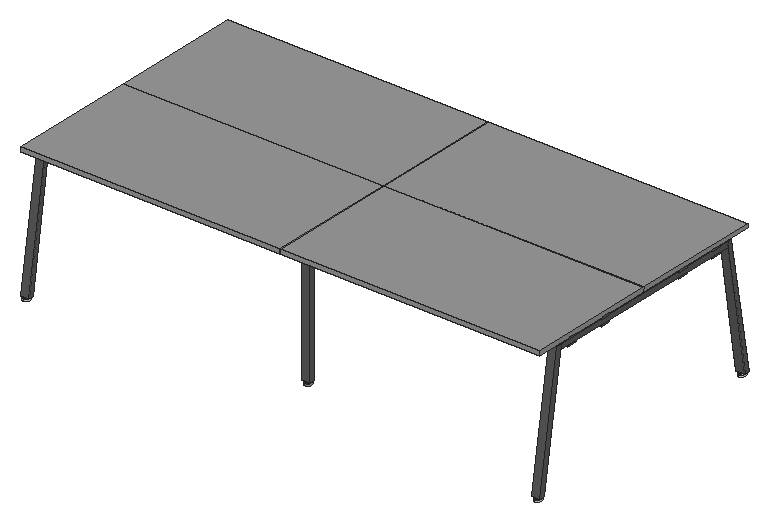
Revit family "Haworth_Tibas_Desk_BenchWorkstation_EU_PRELIMINARY", category Furniture, Revit 2019 (continued)
Definition of nested family "Haworth_Tibas_CableManagement_HorizontalCableTraySingleWire_PART"
  Definition of nested family "Haworth_Tibas_CableManagement_HorizontalCableTraySingleWire_120cm-PART"
    Forms (cm)
      Extrusion 2, void
        sketch origin (0, -2.9666, 0) x (1, 0, 0) y (0, 0, -1)
          loop
            line (51.739, -73.9397) -> (57.5316, -73.9397) -> (57.5316, -70.6269) -> (51.739, -70.6269) -> (51.739, -73.9397)
          loop
            line (57.5316, -70.4411) -> (57.5316, -68.6582) -> (51.739, -68.6582) -> (51.739, -70.4411) -> (57.5316, -70.4411)
          loop
            line (57.739, -73.9397) -> (63.5316, -73.9397) -> (63.5316, -70.6269) -> (57.739, -70.6269) -> (57.739, -73.9397)
          loop
            line (63.5316, -70.4411) -> (63.5316, -68.6582) -> (57.739, -68.6582) -> (57.739, -70.4411) -> (63.5316, -70.4411)
          loop
            line (63.739, -73.9397) -> (69.5316, -73.9397) -> (69.5316, -70.6269) -> (63.739, -70.6269) -> (63.739, -73.9397)
          loop
            line (69.5316, -70.4411) -> (69.5316, -68.6448) -> (63.739, -68.6448) -> (63.739, -70.4411) -> (69.5316, -70.4411)
          loop
            line (69.739, -73.9397) -> (75.5316, -73.9397) -> (75.5316, -70.6269) -> (69.739, -70.6269) -> (69.739, -73.9397)
          loop
            line (75.5316, -70.4411) -> (75.5316, -68.6582) -> (69.739, -68.6582) -> (69.739, -70.4411) -> (75.5316, -70.4411)
          loop
            line (75.739, -73.9397) -> (80.3487, -73.9397) -> (80.3487, -70.6269) -> (75.739, -70.6269) -> (75.739, -73.9397)
          loop
            line (80.3487, -70.4411) -> (80.3487, -68.6582) -> (75.739, -68.6582) -> (75.739, -70.4411) -> (80.3487, -70.4411)
        from -21.2076 to 0.5784
      Extrusion 3, void
        sketch origin (0, -24.7371, 0) x (1, 0, 0) y (0, 1, 0)
          loop
            line (-38.511, 5.9663) -> (-30.9555, 5.9663) -> (-30.9555, 20.0623) -> (-38.511, 20.0623) -> (-38.511, 5.9663)
          loop
            line (-30.761, 5.9663) -> (-24.9684, 5.9663) -> (-24.9684, 20.0623) -> (-30.761, 20.0623) -> (-30.761, 5.9663)
          loop
            line (-24.761, 5.9663) -> (-18.9555, 5.9663) -> (-18.9555, 20.0623) -> (-24.761, 20.0623) -> (-24.761, 5.9663)
          loop
            line (-18.761, 5.9663) -> (-12.9684, 5.9663) -> (-12.9684, 20.0623) -> (-18.761, 20.0623) -> (-18.761, 5.9663)
          loop
            line (-12.761, 5.9663) -> (-6.9555, 5.9663) -> (-6.9555, 20.0623) -> (-12.761, 20.0623) -> (-12.761, 5.9663)
          loop
            line (-6.748, 5.9663) -> (-0.9555, 5.9663) -> (-0.9555, 20.0623) -> (-6.748, 20.0623) -> (-6.748, 5.9663)
          loop
            line (-0.748, 5.9663) -> (5.0575, 5.9663) -> (5.0575, 20.0623) -> (-0.748, 20.0623) -> (-0.748, 5.9663)
          loop
            line (5.2779, 5.9663) -> (11.0704, 5.9663) -> (11.0704, 20.0623) -> (5.2779, 20.0623) -> (5.2779, 5.9663)
          loop
            line (11.2779, 5.9663) -> (17.0834, 5.9663) -> (17.0834, 20.0623) -> (11.2779, 20.0623) -> (11.2779, 5.9663)
          loop
            line (17.2908, 5.9663) -> (23.0963, 5.9663) -> (23.0963, 20.0623) -> (17.2908, 20.0623) -> (17.2908, 5.9663)
          loop
            line (23.3038, 5.9663) -> (29.0963, 5.9663) -> (29.0963, 20.0623) -> (23.3038, 20.0623) -> (23.3038, 5.9663)
          loop
            line (29.3038, 5.9663) -> (35.1093, 5.9663) -> (35.1093, 20.0623) -> (29.3038, 20.0623) -> (29.3038, 5.9663)
          loop
            line (35.3297, 5.9663) -> (41.1222, 5.9663) -> (41.1222, 20.0623) -> (35.3297, 20.0623) -> (35.3297, 5.9663)
          loop
            line (41.3297, 5.9663) -> (47.1351, 5.9663) -> (47.1351, 20.0623) -> (41.3297, 20.0623) -> (41.3297, 5.9663)
          loop
            line (47.3426, 5.9663) -> (53.1481, 5.9663) -> (53.1481, 20.0623) -> (47.3426, 20.0623) -> (47.3426, 5.9663)
          loop
            line (53.3556, 5.9663) -> (59.1481, 5.9663) -> (59.1481, 20.0623) -> (53.3556, 20.0623) -> (53.3556, 5.9663)
          loop
            line (59.3556, 5.9663) -> (65.161, 5.9663) -> (65.161, 20.0623) -> (59.3556, 20.0623) -> (59.3556, 5.9663)
          loop
            line (65.3815, 5.9663) -> (71.174, 5.9663) -> (71.174, 20.0623) -> (65.3815, 20.0623) -> (65.3815, 5.9663)
          loop
            line (71.3815, 5.9663) -> (80.3036, 5.9663) -> (80.3036, 20.0623) -> (71.3815, 20.0623) -> (71.3815, 5.9663)
        from 0 to 76.0995
      Extrusion 4, solid, material <- "Trim Finish"
        sketch origin (90.911, 0.625, 79.9413) x (0, -1, 0) y (0, 0, -1)
          loop
            arc (24.1542, 2.8) -> (24.3098, 2.8644) -> (24.3742, 3.02) r 0.22
            line (24.3742, 3.02) -> (24.3742, 6) -> (24.1742, 6) -> (24.1742, 3) -> (20.1242, 3) -> (20.1242, 5.5787)
            arc (20.1242, 5.5787) -> (20.0594, 5.7352) -> (19.9029, 5.8) r 0.2213
            line (19.9029, 5.8) -> (19.6242, 5.8) -> (19.6242, 12.2277)
            arc (19.6242, 12.2277) -> (19.5591, 12.3849) -> (19.4019, 12.45) r 0.2223
            line (19.4019, 12.45) -> (7.5483, 12.45)
            arc (7.5483, 12.45) -> (7.1233, 12.025) -> (7.5483, 11.6) r 0.425
            line (7.5483, 11.6) -> (8.3242, 11.6) -> (8.3242, 11.8) -> (7.5501, 11.8)
            arc (7.5501, 11.8) -> (7.3251, 12.025) -> (7.5501, 12.25) r 0.225
            line (7.5501, 12.25) -> (19.4242, 12.25) -> (19.4242, 5.824)
            arc (19.4242, 5.824) -> (19.4898, 5.6656) -> (19.6482, 5.6) r 0.224
            line (19.6482, 5.6) -> (19.9242, 5.6) -> (19.9242, 3.0224)
            arc (19.9242, 3.0224) -> (19.9893, 2.8651) -> (20.1466, 2.8) r 0.2224
            line (20.1466, 2.8) -> (24.1542, 2.8)
        from -36.501 to -33.501
      Extrusion 5, solid, material <- "Trim Finish"
        sketch origin (-44.8038, 0.625, 79.9413) x (0, -1, 0) y (0, 0, 1)
          loop
            line (24.1542, -2.8) -> (20.1466, -2.8)
            arc (20.1466, -2.8) -> (19.9893, -2.8651) -> (19.9242, -3.0224) r 0.2224
            line (19.9242, -3.0224) -> (19.9242, -5.6) -> (19.6482, -5.6)
            arc (19.6482, -5.6) -> (19.4898, -5.6656) -> (19.4242, -5.824) r 0.224
            line (19.4242, -5.824) -> (19.4242, -12.25) -> (7.5501, -12.25)
            arc (7.5501, -12.25) -> (7.3251, -12.025) -> (7.5501, -11.8) r 0.225
            line (7.5501, -11.8) -> (8.3242, -11.8) -> (8.3242, -11.6) -> (7.5483, -11.6)
            arc (7.5483, -11.6) -> (7.1233, -12.025) -> (7.5483, -12.45) r 0.425
            line (7.5483, -12.45) -> (19.4019, -12.45)
            arc (19.4019, -12.45) -> (19.5591, -12.3849) -> (19.6242, -12.2277) r 0.2223
            line (19.6242, -12.2277) -> (19.6242, -5.8) -> (19.9029, -5.8)
            arc (19.9029, -5.8) -> (20.0594, -5.7352) -> (20.1242, -5.5787) r 0.2213
            line (20.1242, -5.5787) -> (20.1242, -3) -> (24.1742, -3) -> (24.1742, -6) -> (24.3742, -6) -> (24.3742, -3.02)
            arc (24.3742, -3.02) -> (24.3098, -2.8644) -> (24.1542, -2.8) r 0.22
        from -36.501 to -33.501
    Cuts and joins
      Extrusion 2, Extrusion 3 cuts Extrusion 1
    Lines and regions (cm)
      Masking region 1
        outline origin (0, 0, 0) x (1, 0, 0) y (0, 1, 0)
          loop
            line (-39.1964, -4.3686) -> (-39.1964, -20.3686) -> (80.8036, -20.3686) -> (80.8036, -4.3686) -> (-39.1964, -4.3686)
    Dimensions and locks (cm)
      locked: plane 2 "Support Top" to level at 74.1363
      equal spacing: plane 4, plane 6, plane 5 "Front"
      "Actual Depth": plane 5 "Front" to plane 4
      equal spacing: plane 7, plane 3, plane 8
      "Actual Width": plane 7 to plane 8
      aligned and locked: plane 4 to cut or joined group of Extrusion 1, Extrusion 2, Extrusion 3
      aligned and locked: Masking region 1 sketch curve to plane 4
      aligned and locked: Masking region 1 sketch curve to plane 5 "Front"
      aligned and locked: Masking region 1 to plane 7
      aligned and locked: cut or joined group of Extrusion 1, Extrusion 2, Extrusion 3 to plane 7
      aligned and locked: plane 8 to Masking region 1
      aligned and locked: plane 8 to cut or joined group of Extrusion 1, Extrusion 2, Extrusion 3
    Automatic sketch dimensions
      Extrusion 1 sketch curve to plane 2 "Support Top" = 0 cm  (x2)
      Extrusion 1 sketch curve to plane 4 = 0 cm
      Extrusion 1 sketch curve to Extrusion 1 sketch curve = 0.3062 cm
      Extrusion 1 sketch curve to plane 4 = 0.3886 cm
      Extrusion 1 sketch curve to Extrusion 1 sketch curve = 0.1226 cm
      Extrusion 1 sketch curve to plane 5 "Front" = 1.3652 cm
      Extrusion 1 sketch curve to Extrusion 1 sketch curve = 0.0044 cm
      Extrusion 1 sketch curve to Extrusion 1 sketch curve = 0.1959 cm
      Extrusion 1 sketch curve to Extrusion 1 sketch curve = 0.1923 cm
      Extrusion 1 sketch curve to plane 2 "Support Top" = 5.6934 cm
      Extrusion 1 sketch curve to Extrusion 1 sketch curve = 0.0167 cm
      Extrusion 4 sketch curve to plane 4 = 2.5547 cm
      Extrusion 4 sketch curve to Extrusion 4 sketch curve = 0.0018 cm
      Extrusion 4 sketch curve to Extrusion 4 sketch curve = 0.7759 cm
      Extrusion 4 sketch curve to plane 5 "Front" = 1.5916 cm
      Extrusion 4 sketch curve to Extrusion 4 sketch curve = 0.0223 cm
      plane 2 "Support Top" to Extrusion 4 sketch curve = 0.005 cm
      Extrusion 4 sketch curve to Extrusion 4 sketch curve = 0.2 cm  (x5)
      Extrusion 4 sketch curve to Extrusion 4 sketch curve = 0.024 cm
      Extrusion 4 sketch curve to Extrusion 4 sketch curve = 0.2547 cm
      Extrusion 4 sketch curve to plane 5 "Front" = 1.0694 cm
      Extrusion 4 sketch curve to Extrusion 4 sketch curve = 0.0224 cm
      plane 5 "Front" to Extrusion 4 sketch curve = 3.1606 cm
      Extrusion 4 sketch curve to Extrusion 4 sketch curve = 0.02 cm  (x2)
      Extrusion 4 sketch curve to Extrusion 4 sketch curve = 2.5563 cm
      Extrusion 4 sketch curve to plane 2 "Support Top" = 0.195 cm
      Extrusion 4 sketch curve to plane 2 "Support Top" = 5.795 cm
      Extrusion 4 sketch curve to Extrusion 4 sketch curve = 0.225 cm
      Extrusion 4 sketch curve to Extrusion 4 sketch curve = 0 cm
      Masking region 1 sketch curve to plane 7 = 0 cm
      Masking region 1 sketch curve to plane 8 = 0 cm
      Extrusion 5 sketch curve to plane 4 = 2.5547 cm
      Extrusion 5 sketch curve to Extrusion 5 sketch curve = 0.0018 cm
      Extrusion 5 sketch curve to Extrusion 5 sketch curve = 0.7759 cm
      Extrusion 5 sketch curve to plane 5 "Front" = 1.5916 cm
      Extrusion 5 sketch curve to Extrusion 5 sketch curve = 0.0223 cm
      plane 2 "Support Top" to Extrusion 5 sketch curve = 0.005 cm
      Extrusion 5 sketch curve to Extrusion 5 sketch curve = 0.2 cm  (x4)
      Extrusion 5 sketch curve to Extrusion 5 sketch curve = 0.024 cm
      Extrusion 5 sketch curve to Extrusion 5 sketch curve = 0.2547 cm
      Extrusion 5 sketch curve to plane 5 "Front" = 1.0694 cm
      Extrusion 5 sketch curve to Extrusion 5 sketch curve = 0.0224 cm
      plane 5 "Front" to Extrusion 5 sketch curve = 3.1606 cm
      Extrusion 5 sketch curve to Extrusion 5 sketch curve = 0.02 cm  (x2)
      Extrusion 5 sketch curve to plane 2 "Support Top" = 0.019 cm
      Extrusion 5 sketch curve to plane 2 "Support Top" = 0.195 cm
      Extrusion 5 sketch curve to plane 2 "Support Top" = 5.795 cm
      Extrusion 5 sketch curve to Extrusion 5 sketch curve = 0.225 cm
      Extrusion 5 sketch curve to Extrusion 5 sketch curve = 0 cm
      Extrusion 5 sketch curve to Extrusion 5 sketch curve = 2.5563 cm
      Extrusion 3 sketch curve to plane 7 = 0.6855 cm
      plane 4 to Extrusion 3 sketch curve = 0.3062 cm  (x5)
      Extrusion 3 sketch curve to Extrusion 3 sketch curve = 7.5555 cm
      Extrusion 3 sketch curve to Extrusion 3 sketch curve = 0.1945 cm  (x2)
      plane 5 "Front" to Extrusion 3 sketch curve = 1.5977 cm  (x13)
      Extrusion 3 sketch curve to Extrusion 3 sketch curve = 5.7925 cm  (x8)
      Extrusion 3 sketch curve to Extrusion 3 sketch curve = 0.2075 cm  (x13)
      Extrusion 3 sketch curve to Extrusion 3 sketch curve = 5.8055 cm  (x7)
      Extrusion 3 sketch curve to Extrusion 3 sketch curve = 0.2204 cm  (x3)
      plane 3 to Extrusion 3 sketch curve = 3.7202 cm
      Extrusion 3 sketch curve to plane 3 = 2.2927 cm
      plane 8 to Extrusion 3 sketch curve = 0.5 cm
      Extrusion 3 sketch curve to Extrusion 3 sketch curve = 0 cm  (x20)
      Extrusion 2 sketch curve to plane 2 "Support Top" = 0.1965 cm  (x20)
      plane 7 to Extrusion 2 sketch curve = 0.9355 cm
      Extrusion 2 sketch curve to Extrusion 2 sketch curve = 0 cm  (x47)
      Extrusion 2 sketch curve to Extrusion 2 sketch curve = 5.7925 cm  (x16)
      Extrusion 2 sketch curve to Extrusion 2 sketch curve = 0.2075 cm  (x25)
      Extrusion 2 sketch curve to plane 3 = 5.272 cm
      plane 3 to Extrusion 2 sketch curve = 0.728 cm  (x2)
      Extrusion 2 sketch curve to plane 8 = 5.272 cm
      Extrusion 2 sketch curve to plane 8 = 0.4549 cm  (x2)
      Extrusion 2 sketch curve to Extrusion 2 sketch curve = 3.3128 cm  (x6)
      Extrusion 2 sketch curve to Extrusion 2 sketch curve = 0.1859 cm  (x20)
      Extrusion 2 sketch curve to Extrusion 2 sketch curve = 1.7829 cm  (x14)
      Extrusion 2 sketch curve to Extrusion 2 sketch curve = 0.0134 cm  (x4)
      Extrusion 2 sketch curve to Extrusion 2 sketch curve = 1.7963 cm
Types (2, lengths in cm): name | Worksurface Width | Small | O-Leg Frame R | O-Leg Frame | No Accessory Kit | Large | Horizontal Cable Tray Double | Epure Cable Outlet | Cable Tray Width | Actual Width | Accessory Kit | A-Leg Frame R | A-Leg Frame
  320 x 160 | 160 | no | no | no | yes | yes | no | no | 270 | 320 | no | yes | yes
  160 x 160 | 80 | yes | yes | yes | no | no | yes | yes | 110 | 160 | yes | no | no
